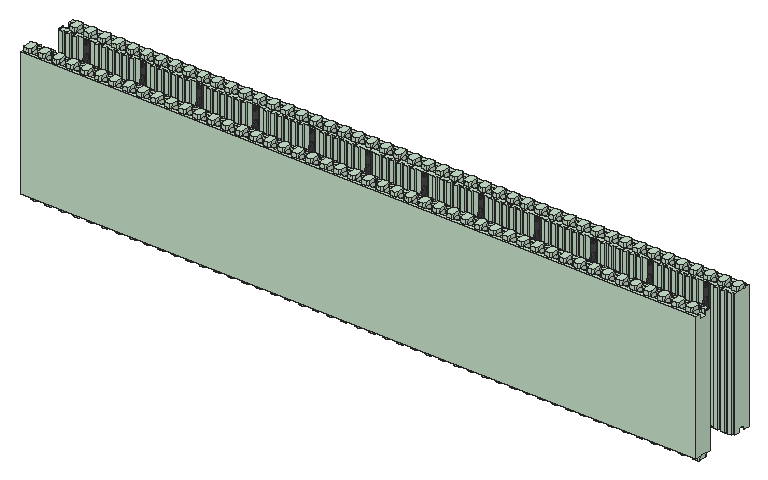
Revit family (continued)
Definition of nested family "4-inch Web"
  Forms (mm)
    Extrusion 1, solid, material "Polypropylene"
      sketch origin (0, -50.8, -12.7) x (0, 1, 0) y (0, 0, 1)
        loop
          arc (0.381, 460.181) -> (0.276, 460.567) -> (-0.011, 460.847) r 0.762
          line (-0.011, 460.847) -> (-4.307, 463.233)
          arc (-4.307, 463.233) -> (-4.594, 463.513) -> (-4.699, 463.9) r 0.762
          line (-4.699, 463.9) -> (-4.699, 457.58)
        loop
          arc (7.747, 370.743) -> (9.108, 370.547) -> (10.379, 370.023) r 5.556
          arc (10.379, 370.023) -> (17.913, 367.598) -> (25.774, 366.679) r 40.64
          line (25.774, 366.679) -> (40.417, 366.679)
          arc (40.417, 366.679) -> (46.103, 371.178) -> (43.032, 377.745) r 5.842
          line (43.032, 377.745) -> (30.434, 384.049)
          arc (30.434, 384.049) -> (19.35, 388.394) -> (7.747, 391.063) r 80.787
          line (7.747, 391.063) -> (5.08, 391.063) -> (5.08, 389.285) -> (6.287, 389.285)
          arc (6.287, 389.285) -> (7.409, 388.82) -> (7.874, 387.697) r 1.588
          line (7.874, 387.697) -> (7.874, 374.108)
          arc (7.874, 374.108) -> (7.409, 372.986) -> (6.287, 372.521) r 1.588
          line (6.287, 372.521) -> (5.08, 372.521) -> (5.08, 370.743) -> (7.747, 370.743)
        loop
          arc (7.747, 337.723) -> (19.35, 340.392) -> (30.434, 344.737) r 80.787
          line (30.434, 344.737) -> (43.032, 351.04)
          arc (43.032, 351.04) -> (46.103, 357.608) -> (40.417, 362.107) r 5.842
          line (40.417, 362.107) -> (25.774, 362.107)
          arc (25.774, 362.107) -> (17.913, 361.188) -> (10.379, 358.762) r 40.64
          arc (10.379, 358.762) -> (9.108, 358.239) -> (7.747, 358.043) r 5.556
          line (7.747, 358.043) -> (5.08, 358.043) -> (5.08, 356.265) -> (6.287, 356.265)
          arc (6.287, 356.265) -> (7.409, 355.8) -> (7.874, 354.677) r 1.588
          line (7.874, 354.677) -> (7.874, 341.088)
          arc (7.874, 341.088) -> (7.409, 339.966) -> (6.287, 339.501) r 1.588
          line (6.287, 339.501) -> (5.08, 339.501) -> (5.08, 337.723) -> (7.747, 337.723)
        loop
          line (101.473, 91.537) -> (98.806, 91.537) -> (98.806, 93.315) -> (104.712, 93.315)
          arc (104.712, 93.315) -> (105.834, 92.85) -> (106.299, 91.728) r 1.587
          line (106.299, 91.728) -> (106.299, 111.667)
          arc (106.299, 111.667) -> (105.834, 110.544) -> (104.712, 110.079) r 1.587
          line (104.712, 110.079) -> (98.806, 110.079) -> (98.806, 111.857) -> (101.473, 111.857) -> (101.473, 124.557) -> (98.806, 124.557) -> (98.806, 126.335) -> (104.712, 126.335)
          arc (104.712, 126.335) -> (105.834, 125.87) -> (106.299, 124.748) r 1.587
          line (106.299, 124.748) -> (106.299, 144.687)
          arc (106.299, 144.687) -> (105.834, 143.564) -> (104.712, 143.099) r 1.587
          line (104.712, 143.099) -> (98.806, 143.099) -> (98.806, 144.877) -> (101.473, 144.877) -> (101.473, 157.576) -> (98.806, 157.576) -> (98.806, 159.355) -> (104.712, 159.355)
          arc (104.712, 159.355) -> (105.834, 158.89) -> (106.299, 157.768) r 1.588
          line (106.299, 157.768) -> (106.299, 172.998) -> (103.886, 172.998)
          arc (103.886, 172.998) -> (101.245, 170.383) -> (97.959, 168.644) r 12.7
          arc (97.959, 168.644) -> (94.891, 166.323) -> (93.726, 162.657) r 6.35
          line (93.726, 162.657) -> (93.726, 160.943)
          arc (93.726, 160.943) -> (94.191, 159.82) -> (95.313, 159.355) r 1.588
          line (95.313, 159.355) -> (96.52, 159.355) -> (96.52, 157.576) -> (93.839, 157.576)
          arc (93.839, 157.576) -> (88.736, 157.807) -> (83.781, 159.055) r 25.4
          arc (83.781, 159.055) -> (81.506, 158.585) -> (80.818, 156.365) r 2.286
          arc (80.818, 156.365) -> (69.709, 147.705) -> (70.402, 161.773) r 7.747
          arc (70.402, 161.773) -> (73.514, 169.037) -> (66.25, 172.149) r 5.588
          arc (66.25, 172.149) -> (60.197, 168.253) -> (56.037, 162.377) r 18.923
          arc (56.037, 162.377) -> (53.917, 159.899) -> (50.8, 158.942) r 5.842
          arc (50.8, 158.942) -> (47.683, 159.899) -> (45.563, 162.377) r 5.842
          arc (45.563, 162.377) -> (41.403, 168.253) -> (35.35, 172.149) r 18.923
          arc (35.35, 172.149) -> (28.086, 169.037) -> (31.198, 161.773) r 5.588
          arc (31.198, 161.773) -> (31.891, 147.705) -> (20.782, 156.365) r 7.747
          arc (20.782, 156.365) -> (20.094, 158.585) -> (17.819, 159.055) r 2.286
          arc (17.819, 159.055) -> (12.864, 157.807) -> (7.761, 157.576) r 25.4
          line (7.761, 157.576) -> (5.08, 157.576) -> (5.08, 159.355) -> (6.287, 159.355)
          arc (6.287, 159.355) -> (7.409, 159.82) -> (7.874, 160.943) r 1.588
          line (7.874, 160.943) -> (7.874, 162.657)
          arc (7.874, 162.657) -> (6.709, 166.323) -> (3.641, 168.644) r 6.35
          arc (3.641, 168.644) -> (0.355, 170.383) -> (-2.286, 172.998) r 12.7
          line (-2.286, 172.998) -> (-4.699, 172.998) -> (-4.699, 157.768)
          arc (-4.699, 157.768) -> (-4.234, 158.89) -> (-3.112, 159.355) r 1.588
          line (-3.112, 159.355) -> (2.794, 159.355) -> (2.794, 157.576) -> (0.127, 157.576) -> (0.127, 144.877) -> (2.794, 144.877) -> (2.794, 143.099) -> (-3.112, 143.099)
          arc (-3.112, 143.099) -> (-4.234, 143.564) -> (-4.699, 144.687) r 1.587
          line (-4.699, 144.687) -> (-4.699, 124.748)
          arc (-4.699, 124.748) -> (-4.234, 125.87) -> (-3.112, 126.335) r 1.587
          line (-3.112, 126.335) -> (2.794, 126.335) -> (2.794, 124.557) -> (0.127, 124.557) -> (0.127, 111.857) -> (2.794, 111.857) -> (2.794, 110.079) -> (-3.112, 110.079)
          arc (-3.112, 110.079) -> (-4.234, 110.544) -> (-4.699, 111.667) r 1.587
          line (-4.699, 111.667) -> (-4.699, 91.728)
          arc (-4.699, 91.728) -> (-4.234, 92.85) -> (-3.112, 93.315) r 1.587
          line (-3.112, 93.315) -> (2.794, 93.315) -> (2.794, 91.537) -> (0.127, 91.537) -> (0.127, 78.838) -> (2.794, 78.838) -> (2.794, 77.059) -> (-3.894, 77.059)
          arc (-3.894, 77.059) -> (-4.311, 77.115) -> (-4.699, 77.278) r 1.587
          line (-4.699, 77.278) -> (-4.699, 57.588)
          arc (-4.699, 57.588) -> (-1.951, 63.844) -> (3.641, 67.77) r 12.7
          arc (3.641, 67.77) -> (6.709, 70.091) -> (7.874, 73.757) r 6.35
          line (7.874, 73.757) -> (7.874, 75.472)
          arc (7.874, 75.472) -> (7.409, 76.594) -> (6.287, 77.059) r 1.588
          line (6.287, 77.059) -> (5.08, 77.059) -> (5.08, 78.838) -> (7.761, 78.838)
          arc (7.761, 78.838) -> (12.864, 78.607) -> (17.819, 77.359) r 25.4
          arc (17.819, 77.359) -> (20.094, 77.83) -> (20.782, 80.049) r 2.286
          arc (20.782, 80.049) -> (31.891, 88.71) -> (31.198, 74.641) r 7.747
          arc (31.198, 74.641) -> (28.086, 67.378) -> (35.35, 64.265) r 5.588
          arc (35.35, 64.265) -> (41.403, 68.162) -> (45.563, 74.038) r 18.923
          arc (45.563, 74.038) -> (47.683, 76.516) -> (50.8, 77.472) r 5.842
          arc (50.8, 77.472) -> (53.917, 76.516) -> (56.037, 74.038) r 5.842
          arc (56.037, 74.038) -> (60.197, 68.162) -> (66.25, 64.265) r 18.923
          arc (66.25, 64.265) -> (73.514, 67.378) -> (70.402, 74.641) r 5.588
          arc (70.402, 74.641) -> (69.709, 88.71) -> (80.818, 80.049) r 7.747
          arc (80.818, 80.049) -> (81.506, 77.83) -> (83.781, 77.359) r 2.286
          arc (83.781, 77.359) -> (88.736, 78.607) -> (93.839, 78.838) r 25.4
          line (93.839, 78.838) -> (96.52, 78.838) -> (96.52, 77.059) -> (95.313, 77.059)
          arc (95.313, 77.059) -> (94.191, 76.594) -> (93.726, 75.472) r 1.588
          line (93.726, 75.472) -> (93.726, 73.757)
          arc (93.726, 73.757) -> (94.891, 70.091) -> (97.959, 67.77) r 6.35
          arc (97.959, 67.77) -> (103.551, 63.844) -> (106.299, 57.588) r 12.7
          line (106.299, 57.588) -> (106.299, 77.278)
          arc (106.299, 77.278) -> (105.911, 77.115) -> (105.494, 77.059) r 1.587
          line (105.494, 77.059) -> (98.806, 77.059) -> (98.806, 78.838) -> (101.473, 78.838) -> (101.473, 91.537)
        loop
          arc (93.853, 111.857) -> (92.492, 112.053) -> (91.221, 112.577) r 5.556
          arc (91.221, 112.577) -> (83.687, 115.002) -> (75.826, 115.921) r 40.64
          line (75.826, 115.921) -> (61.183, 115.921)
          arc (61.183, 115.921) -> (55.497, 111.422) -> (58.568, 104.855) r 5.842
          line (58.568, 104.855) -> (71.166, 98.551)
          arc (71.166, 98.551) -> (82.25, 94.206) -> (93.853, 91.537) r 80.787
          line (93.853, 91.537) -> (96.52, 91.537) -> (96.52, 93.315) -> (95.313, 93.315)
          arc (95.313, 93.315) -> (94.191, 93.78) -> (93.726, 94.903) r 1.588
          line (93.726, 94.903) -> (93.726, 108.492)
          arc (93.726, 108.492) -> (94.191, 109.614) -> (95.313, 110.079) r 1.588
          line (95.313, 110.079) -> (96.52, 110.079) -> (96.52, 111.857) -> (93.853, 111.857)
        loop
          arc (93.853, 144.877) -> (82.25, 142.208) -> (71.166, 137.863) r 80.787
          line (71.166, 137.863) -> (58.568, 131.56)
          arc (58.568, 131.56) -> (55.497, 124.992) -> (61.183, 120.493) r 5.842
          line (61.183, 120.493) -> (75.826, 120.493)
          arc (75.826, 120.493) -> (83.687, 121.412) -> (91.221, 123.838) r 40.64
          arc (91.221, 123.838) -> (92.492, 124.361) -> (93.853, 124.557) r 5.556
          line (93.853, 124.557) -> (96.52, 124.557) -> (96.52, 126.335) -> (95.313, 126.335)
          arc (95.313, 126.335) -> (94.191, 126.8) -> (93.726, 127.923) r 1.588
          line (93.726, 127.923) -> (93.726, 141.512)
          arc (93.726, 141.512) -> (94.191, 142.634) -> (95.313, 143.099) r 1.588
          line (95.313, 143.099) -> (96.52, 143.099) -> (96.52, 144.877) -> (93.853, 144.877)
        loop
          line (7.747, 111.857) -> (5.08, 111.857) -> (5.08, 110.079) -> (6.287, 110.079)
          arc (6.287, 110.079) -> (7.409, 109.614) -> (7.874, 108.492) r 1.588
          line (7.874, 108.492) -> (7.874, 94.903)
          arc (7.874, 94.903) -> (7.409, 93.78) -> (6.287, 93.315) r 1.588
          line (6.287, 93.315) -> (5.08, 93.315) -> (5.08, 91.537) -> (7.747, 91.537)
          arc (7.747, 91.537) -> (19.35, 94.206) -> (30.434, 98.551) r 80.787
          line (30.434, 98.551) -> (43.032, 104.855)
          arc (43.032, 104.855) -> (46.103, 111.422) -> (40.417, 115.921) r 5.842
          line (40.417, 115.921) -> (25.774, 115.921)
          arc (25.774, 115.921) -> (17.913, 115.002) -> (10.379, 112.577) r 40.64
          arc (10.379, 112.577) -> (9.108, 112.053) -> (7.747, 111.857) r 5.556
        loop
          line (7.747, 144.877) -> (5.08, 144.877) -> (5.08, 143.099) -> (6.287, 143.099)
          arc (6.287, 143.099) -> (7.409, 142.634) -> (7.874, 141.512) r 1.588
          line (7.874, 141.512) -> (7.874, 127.923)
          arc (7.874, 127.923) -> (7.409, 126.8) -> (6.287, 126.335) r 1.588
          line (6.287, 126.335) -> (5.08, 126.335) -> (5.08, 124.557) -> (7.747, 124.557)
          arc (7.747, 124.557) -> (9.108, 124.361) -> (10.379, 123.838) r 5.556
          arc (10.379, 123.838) -> (17.913, 121.412) -> (25.774, 120.493) r 40.64
          line (25.774, 120.493) -> (40.417, 120.493)
          arc (40.417, 120.493) -> (46.103, 124.992) -> (43.032, 131.56) r 5.842
          line (43.032, 131.56) -> (30.434, 137.863)
          arc (30.434, 137.863) -> (19.35, 142.208) -> (7.747, 144.877) r 80.787
      from -3.175 to 3.175
    Extrusion 2, solid, material "Polypropylene"
      sketch origin (0, 0, 0) x (0, 1, 0) y (0, 0, 1)
        loop
          line (55.499, 452.438) -> (55.499, 4.762)
          arc (55.499, 4.762) -> (55.987, 3.618) -> (57.15, 3.176) r 1.588
          arc (57.15, 3.176) -> (58.313, 3.618) -> (58.801, 4.762) r 1.588
          line (58.801, 4.762) -> (58.801, 452.437)
          arc (58.801, 452.437) -> (58.313, 453.582) -> (57.15, 454.024) r 1.588
          arc (57.15, 454.024) -> (55.987, 453.582) -> (55.499, 452.438) r 1.588
        loop
          arc (-55.499, 452.438) -> (-55.987, 453.582) -> (-57.15, 454.024) r 1.588
          arc (-57.15, 454.024) -> (-58.313, 453.582) -> (-58.801, 452.437) r 1.588
          line (-58.801, 452.437) -> (-58.801, 4.762)
          arc (-58.801, 4.762) -> (-58.313, 3.618) -> (-57.15, 3.176) r 1.588
          arc (-57.15, 3.176) -> (-55.987, 3.618) -> (-55.499, 4.762) r 1.588
          line (-55.499, 4.762) -> (-55.499, 452.438)
      from -9.227 to 9.227
Definition of nested family "NUDURA Diamond Pattern"
  Reference planes
    plane 1 "Center (Front/Back)": y = 0
    plane 2: z = 0
    plane 3 "Center (Left/Right)": x = 0
    plane 4: z = 457.2
  Lines and regions (mm)
    model lines
      curve 1: line (203.2, -142.875, 457.2) -> (203.2, -142.875, 0)
      curve 2: line (152.4, -142.875, 457.2) -> (152.4, -142.875, 0)
      curve 3: line (50.8, -142.875, 457.2) -> (50.8, -142.875, 0)
      curve 4: line (85.183, -142.875, 431.415) -> (93.906, -142.875, 422.692)
      curve 5: arc (85.183, -142.875, 444.885) -> (82.394, -142.875, 438.15) -> (85.183, -142.875, 431.415) r 9.525
      curve 6: line (94.708, -142.875, 454.41) -> (85.183, -142.875, 444.885)
      curve 7: arc (108.179, -142.875, 454.41) -> (101.444, -142.875, 457.2) -> (94.708, -142.875, 454.41) r 9.525
      curve 8: line (117.704, -142.875, 444.885) -> (108.179, -142.875, 454.41)
      curve 9: arc (117.704, -142.875, 431.415) -> (120.494, -142.875, 438.15) -> (117.704, -142.875, 444.885) r 9.525
      curve 10: line (108.981, -142.875, 422.692) -> (117.704, -142.875, 431.415)
      curve 11: arc (105.934, -142.875, 452.165) -> (101.444, -142.875, 454.025) -> (96.953, -142.875, 452.165) r 6.35
      curve 12: line (115.459, -142.875, 442.64) -> (105.934, -142.875, 452.165)
      curve 13: arc (115.459, -142.875, 433.66) -> (117.319, -142.875, 438.15) -> (115.459, -142.875, 442.64) r 6.35
      curve 14: line (105.934, -142.875, 424.135) -> (115.459, -142.875, 433.66)
      curve 15: arc (96.953, -142.875, 424.135) -> (101.444, -142.875, 422.275) -> (105.934, -142.875, 424.135) r 6.35
      curve 16: line (87.428, -142.875, 433.66) -> (96.953, -142.875, 424.135)
      curve 17: arc (87.428, -142.875, 442.64) -> (85.569, -142.875, 438.15) -> (87.428, -142.875, 433.66) r 6.35
      curve 18: line (96.953, -142.875, 452.165) -> (87.428, -142.875, 442.64)
      curve 19: arc (93.906, -142.875, 415.508) -> (95.394, -142.875, 419.1) -> (93.906, -142.875, 422.692) r 5.08
      curve 20: line (117.704, -142.875, 406.785) -> (108.981, -142.875, 415.508)
      curve 21: arc (117.704, -142.875, 393.315) -> (120.494, -142.875, 400.05) -> (117.704, -142.875, 406.785) r 9.525
      curve 22: line (108.981, -142.875, 384.592) -> (117.704, -142.875, 393.315)
      curve 23: line (85.183, -142.875, 393.315) -> (93.906, -142.875, 384.592)
      curve 24: arc (85.183, -142.875, 406.785) -> (82.394, -142.875, 400.05) -> (85.183, -142.875, 393.315) r 9.525
      curve 25: line (93.906, -142.875, 415.508) -> (85.183, -142.875, 406.785)
      curve 26: arc (105.934, -142.875, 414.065) -> (101.444, -142.875, 415.925) -> (96.953, -142.875, 414.065) r 6.35
      curve 27: line (96.953, -142.875, 414.065) -> (87.428, -142.875, 404.54)
      curve 28: arc (87.428, -142.875, 404.54) -> (85.569, -142.875, 400.05) -> (87.428, -142.875, 395.56) r 6.35
      curve 29: line (87.428, -142.875, 395.56) -> (96.953, -142.875, 386.035)
      curve 30: arc (96.953, -142.875, 386.035) -> (101.444, -142.875, 384.175) -> (105.934, -142.875, 386.035) r 6.35
      curve 31: line (105.934, -142.875, 386.035) -> (115.459, -142.875, 395.56)
      curve 32: arc (115.459, -142.875, 395.56) -> (117.319, -142.875, 400.05) -> (115.459, -142.875, 404.54) r 6.35
      curve 33: line (115.459, -142.875, 404.54) -> (105.934, -142.875, 414.065)
      curve 34: arc (93.906, -142.875, 377.408) -> (95.394, -142.875, 381) -> (93.906, -142.875, 384.592) r 5.08
      curve 35: line (117.704, -142.875, 368.685) -> (108.981, -142.875, 377.408)
      curve 36: arc (117.704, -142.875, 355.215) -> (120.494, -142.875, 361.95) -> (117.704, -142.875, 368.685) r 9.525
      curve 37: line (108.981, -142.875, 346.492) -> (117.704, -142.875, 355.215)
      curve 38: line (85.183, -142.875, 355.215) -> (93.906, -142.875, 346.492)
      curve 39: arc (85.183, -142.875, 368.685) -> (82.394, -142.875, 361.95) -> (85.183, -142.875, 355.215) r 9.525
      curve 40: line (93.906, -142.875, 377.408) -> (85.183, -142.875, 368.685)
      curve 41: arc (105.934, -142.875, 375.965) -> (101.444, -142.875, 377.825) -> (96.953, -142.875, 375.965) r 6.35
      curve 42: line (96.953, -142.875, 375.965) -> (87.428, -142.875, 366.44)
      curve 43: arc (87.428, -142.875, 366.44) -> (85.569, -142.875, 361.95) -> (87.428, -142.875, 357.46) r 6.35
      curve 44: line (87.428, -142.875, 357.46) -> (96.953, -142.875, 347.935)
      curve 45: arc (96.953, -142.875, 347.935) -> (101.444, -142.875, 346.075) -> (105.934, -142.875, 347.935) r 6.35
      curve 46: line (105.934, -142.875, 347.935) -> (115.459, -142.875, 357.46)
      curve 47: arc (115.459, -142.875, 357.46) -> (117.319, -142.875, 361.95) -> (115.459, -142.875, 366.44) r 6.35
      curve 48: line (115.459, -142.875, 366.44) -> (105.934, -142.875, 375.965)
      curve 49: arc (93.906, -142.875, 339.308) -> (95.394, -142.875, 342.9) -> (93.906, -142.875, 346.492) r 5.08
      curve 50: line (117.704, -142.875, 330.585) -> (108.981, -142.875, 339.308)
      curve 51: arc (117.704, -142.875, 317.115) -> (120.494, -142.875, 323.85) -> (117.704, -142.875, 330.585) r 9.525
      curve 52: line (108.981, -142.875, 308.392) -> (117.704, -142.875, 317.115)
      curve 53: line (85.183, -142.875, 317.115) -> (93.906, -142.875, 308.392)
      curve 54: arc (85.183, -142.875, 330.585) -> (82.394, -142.875, 323.85) -> (85.183, -142.875, 317.115) r 9.525
      curve 55: line (93.906, -142.875, 339.308) -> (85.183, -142.875, 330.585)
      curve 56: arc (105.934, -142.875, 337.865) -> (101.444, -142.875, 339.725) -> (96.953, -142.875, 337.865) r 6.35
      curve 57: line (96.953, -142.875, 337.865) -> (87.428, -142.875, 328.34)
      curve 58: arc (87.428, -142.875, 328.34) -> (85.569, -142.875, 323.85) -> (87.428, -142.875, 319.36) r 6.35
      curve 59: line (87.428, -142.875, 319.36) -> (96.953, -142.875, 309.835)
      curve 60: arc (96.953, -142.875, 309.835) -> (101.444, -142.875, 307.975) -> (105.934, -142.875, 309.835) r 6.35
      curve 61: line (105.934, -142.875, 309.835) -> (115.459, -142.875, 319.36)
      curve 62: arc (115.459, -142.875, 319.36) -> (117.319, -142.875, 323.85) -> (115.459, -142.875, 328.34) r 6.35
      curve 63: line (115.459, -142.875, 328.34) -> (105.934, -142.875, 337.865)
      curve 64: arc (93.906, -142.875, 301.208) -> (95.394, -142.875, 304.8) -> (93.906, -142.875, 308.392) r 5.08
      curve 65: line (117.704, -142.875, 292.485) -> (108.981, -142.875, 301.208)
      curve 66: arc (117.704, -142.875, 279.015) -> (120.494, -142.875, 285.75) -> (117.704, -142.875, 292.485) r 9.525
      curve 67: line (108.981, -142.875, 270.292) -> (117.704, -142.875, 279.015)
      curve 68: line (85.183, -142.875, 279.015) -> (93.906, -142.875, 270.292)
      curve 69: arc (85.183, -142.875, 292.485) -> (82.394, -142.875, 285.75) -> (85.183, -142.875, 279.015) r 9.525
      curve 70: line (93.906, -142.875, 301.208) -> (85.183, -142.875, 292.485)
      curve 71: arc (105.934, -142.875, 299.765) -> (101.444, -142.875, 301.625) -> (96.953, -142.875, 299.765) r 6.35
      curve 72: line (96.953, -142.875, 299.765) -> (87.428, -142.875, 290.24)
      curve 73: arc (87.428, -142.875, 290.24) -> (85.569, -142.875, 285.75) -> (87.428, -142.875, 281.26) r 6.35
      curve 74: line (87.428, -142.875, 281.26) -> (96.953, -142.875, 271.735)
      curve 75: arc (96.953, -142.875, 271.735) -> (101.444, -142.875, 269.875) -> (105.934, -142.875, 271.735) r 6.35
      curve 76: line (105.934, -142.875, 271.735) -> (115.459, -142.875, 281.26)
      curve 77: arc (115.459, -142.875, 281.26) -> (117.319, -142.875, 285.75) -> (115.459, -142.875, 290.24) r 6.35
      curve 78: line (115.459, -142.875, 290.24) -> (105.934, -142.875, 299.765)
      curve 79: arc (93.906, -142.875, 263.108) -> (95.394, -142.875, 266.7) -> (93.906, -142.875, 270.292) r 5.08
      curve 80: line (117.704, -142.875, 254.385) -> (108.981, -142.875, 263.108)
      curve 81: arc (117.704, -142.875, 240.915) -> (120.494, -142.875, 247.65) -> (117.704, -142.875, 254.385) r 9.525
      curve 82: line (108.981, -142.875, 232.192) -> (117.704, -142.875, 240.915)
      curve 83: line (85.183, -142.875, 240.915) -> (93.906, -142.875, 232.192)
      curve 84: arc (85.183, -142.875, 254.385) -> (82.394, -142.875, 247.65) -> (85.183, -142.875, 240.915) r 9.525
      curve 85: line (93.906, -142.875, 263.108) -> (85.183, -142.875, 254.385)
      curve 86: arc (105.934, -142.875, 261.665) -> (101.444, -142.875, 263.525) -> (96.953, -142.875, 261.665) r 6.35
      curve 87: line (96.953, -142.875, 261.665) -> (87.428, -142.875, 252.14)
      curve 88: arc (87.428, -142.875, 252.14) -> (85.569, -142.875, 247.65) -> (87.428, -142.875, 243.16) r 6.35
      curve 89: line (87.428, -142.875, 243.16) -> (96.953, -142.875, 233.635)
      curve 90: arc (96.953, -142.875, 233.635) -> (101.444, -142.875, 231.775) -> (105.934, -142.875, 233.635) r 6.35
      curve 91: line (105.934, -142.875, 233.635) -> (115.459, -142.875, 243.16)
      curve 92: arc (115.459, -142.875, 243.16) -> (117.319, -142.875, 247.65) -> (115.459, -142.875, 252.14) r 6.35
      curve 93: line (115.459, -142.875, 252.14) -> (105.934, -142.875, 261.665)
      curve 94: arc (93.906, -142.875, 225.008) -> (95.394, -142.875, 228.6) -> (93.906, -142.875, 232.192) r 5.08
      curve 95: line (117.704, -142.875, 216.285) -> (108.981, -142.875, 225.008)
      curve 96: arc (117.704, -142.875, 202.815) -> (120.494, -142.875, 209.55) -> (117.704, -142.875, 216.285) r 9.525
      curve 97: line (108.981, -142.875, 194.092) -> (117.704, -142.875, 202.815)
      curve 98: line (85.183, -142.875, 202.815) -> (93.906, -142.875, 194.092)
      curve 99: arc (85.183, -142.875, 216.285) -> (82.394, -142.875, 209.55) -> (85.183, -142.875, 202.815) r 9.525
      curve 100: line (93.906, -142.875, 225.008) -> (85.183, -142.875, 216.285)
      curve 101: arc (105.934, -142.875, 223.565) -> (101.444, -142.875, 225.425) -> (96.953, -142.875, 223.565) r 6.35
      curve 102: line (96.953, -142.875, 223.565) -> (87.428, -142.875, 214.04)
      curve 103: arc (87.428, -142.875, 214.04) -> (85.569, -142.875, 209.55) -> (87.428, -142.875, 205.06) r 6.35
      curve 104: line (87.428, -142.875, 205.06) -> (96.953, -142.875, 195.535)
      curve 105: arc (96.953, -142.875, 195.535) -> (101.444, -142.875, 193.675) -> (105.934, -142.875, 195.535) r 6.35
      curve 106: line (105.934, -142.875, 195.535) -> (115.459, -142.875, 205.06)
      curve 107: arc (115.459, -142.875, 205.06) -> (117.319, -142.875, 209.55) -> (115.459, -142.875, 214.04) r 6.35
      curve 108: line (115.459, -142.875, 214.04) -> (105.934, -142.875, 223.565)
      curve 109: arc (93.906, -142.875, 186.908) -> (95.394, -142.875, 190.5) -> (93.906, -142.875, 194.092) r 5.08
      curve 110: line (117.704, -142.875, 178.185) -> (108.981, -142.875, 186.908)
      curve 111: arc (117.704, -142.875, 164.715) -> (120.494, -142.875, 171.45) -> (117.704, -142.875, 178.185) r 9.525
      curve 112: line (108.981, -142.875, 155.992) -> (117.704, -142.875, 164.715)
      curve 113: line (85.183, -142.875, 164.715) -> (93.906, -142.875, 155.992)
      curve 114: arc (85.183, -142.875, 178.185) -> (82.394, -142.875, 171.45) -> (85.183, -142.875, 164.715) r 9.525
      curve 115: line (93.906, -142.875, 186.908) -> (85.183, -142.875, 178.185)
      curve 116: arc (105.934, -142.875, 185.465) -> (101.444, -142.875, 187.325) -> (96.953, -142.875, 185.465) r 6.35
      curve 117: line (96.953, -142.875, 185.465) -> (87.428, -142.875, 175.94)
      curve 118: arc (87.428, -142.875, 175.94) -> (85.569, -142.875, 171.45) -> (87.428, -142.875, 166.96) r 6.35
      curve 119: line (87.428, -142.875, 166.96) -> (96.953, -142.875, 157.435)
      curve 120: arc (96.953, -142.875, 157.435) -> (101.444, -142.875, 155.575) -> (105.934, -142.875, 157.435) r 6.35
      curve 121: line (105.934, -142.875, 157.435) -> (115.459, -142.875, 166.96)
      curve 122: arc (115.459, -142.875, 166.96) -> (117.319, -142.875, 171.45) -> (115.459, -142.875, 175.94) r 6.35
      curve 123: line (115.459, -142.875, 175.94) -> (105.934, -142.875, 185.465)
      curve 124: arc (93.906, -142.875, 148.808) -> (95.394, -142.875, 152.4) -> (93.906, -142.875, 155.992) r 5.08
      curve 125: line (117.704, -142.875, 140.085) -> (108.981, -142.875, 148.808)
      curve 126: arc (117.704, -142.875, 126.615) -> (120.494, -142.875, 133.35) -> (117.704, -142.875, 140.085) r 9.525
      curve 127: line (108.981, -142.875, 117.892) -> (117.704, -142.875, 126.615)
      curve 128: line (85.183, -142.875, 126.615) -> (93.906, -142.875, 117.892)
      curve 129: arc (85.183, -142.875, 140.085) -> (82.394, -142.875, 133.35) -> (85.183, -142.875, 126.615) r 9.525
      curve 130: line (93.906, -142.875, 148.808) -> (85.183, -142.875, 140.085)
      curve 131: arc (105.934, -142.875, 147.365) -> (101.444, -142.875, 149.225) -> (96.953, -142.875, 147.365) r 6.35
      curve 132: line (96.953, -142.875, 147.365) -> (87.428, -142.875, 137.84)
      curve 133: arc (87.428, -142.875, 137.84) -> (85.569, -142.875, 133.35) -> (87.428, -142.875, 128.86) r 6.35
      curve 134: line (87.428, -142.875, 128.86) -> (96.953, -142.875, 119.335)
      curve 135: arc (96.953, -142.875, 119.335) -> (101.444, -142.875, 117.475) -> (105.934, -142.875, 119.335) r 6.35
      curve 136: line (105.934, -142.875, 119.335) -> (115.459, -142.875, 128.86)
      curve 137: arc (115.459, -142.875, 128.86) -> (117.319, -142.875, 133.35) -> (115.459, -142.875, 137.84) r 6.35
      curve 138: line (115.459, -142.875, 137.84) -> (105.934, -142.875, 147.365)
      curve 139: arc (93.906, -142.875, 110.708) -> (95.394, -142.875, 114.3) -> (93.906, -142.875, 117.892) r 5.08
      curve 140: line (117.704, -142.875, 101.985) -> (108.981, -142.875, 110.708)
      curve 141: arc (117.704, -142.875, 88.515) -> (120.494, -142.875, 95.25) -> (117.704, -142.875, 101.985) r 9.525
      curve 142: line (108.981, -142.875, 79.792) -> (117.704, -142.875, 88.515)
      curve 143: line (85.183, -142.875, 88.515) -> (93.906, -142.875, 79.792)
      curve 144: arc (85.183, -142.875, 101.985) -> (82.394, -142.875, 95.25) -> (85.183, -142.875, 88.515) r 9.525
      curve 145: line (93.906, -142.875, 110.708) -> (85.183, -142.875, 101.985)
      curve 146: arc (105.934, -142.875, 109.265) -> (101.444, -142.875, 111.125) -> (96.953, -142.875, 109.265) r 6.35
      curve 147: line (96.953, -142.875, 109.265) -> (87.428, -142.875, 99.74)
      curve 148: arc (87.428, -142.875, 99.74) -> (85.569, -142.875, 95.25) -> (87.428, -142.875, 90.76) r 6.35
      curve 149: line (87.428, -142.875, 90.76) -> (96.953, -142.875, 81.235)
      curve 150: arc (96.953, -142.875, 81.235) -> (101.444, -142.875, 79.375) -> (105.934, -142.875, 81.235) r 6.35
      curve 151: line (105.934, -142.875, 81.235) -> (115.459, -142.875, 90.76)
      curve 152: arc (115.459, -142.875, 90.76) -> (117.319, -142.875, 95.25) -> (115.459, -142.875, 99.74) r 6.35
      curve 153: line (115.459, -142.875, 99.74) -> (105.934, -142.875, 109.265)
      curve 154: arc (93.906, -142.875, 72.608) -> (95.394, -142.875, 76.2) -> (93.906, -142.875, 79.792) r 5.08
      curve 155: line (117.704, -142.875, 63.885) -> (108.981, -142.875, 72.608)
      curve 156: arc (117.704, -142.875, 50.415) -> (120.494, -142.875, 57.15) -> (117.704, -142.875, 63.885) r 9.525
      curve 157: line (108.981, -142.875, 41.692) -> (117.704, -142.875, 50.415)
      curve 158: line (85.183, -142.875, 50.415) -> (93.906, -142.875, 41.692)
      curve 159: arc (85.183, -142.875, 63.885) -> (82.394, -142.875, 57.15) -> (85.183, -142.875, 50.415) r 9.525
      curve 160: line (93.906, -142.875, 72.608) -> (85.183, -142.875, 63.885)
      curve 161: arc (105.934, -142.875, 71.165) -> (101.444, -142.875, 73.025) -> (96.953, -142.875, 71.165) r 6.35
      curve 162: line (96.953, -142.875, 71.165) -> (87.428, -142.875, 61.64)
      curve 163: arc (87.428, -142.875, 61.64) -> (85.569, -142.875, 57.15) -> (87.428, -142.875, 52.66) r 6.35
      curve 164: line (87.428, -142.875, 52.66) -> (96.953, -142.875, 43.135)
      curve 165: arc (96.953, -142.875, 43.135) -> (101.444, -142.875, 41.275) -> (105.934, -142.875, 43.135) r 6.35
      curve 166: line (105.934, -142.875, 43.135) -> (115.459, -142.875, 52.66)
      curve 167: arc (115.459, -142.875, 52.66) -> (117.319, -142.875, 57.15) -> (115.459, -142.875, 61.64) r 6.35
      curve 168: line (115.459, -142.875, 61.64) -> (105.934, -142.875, 71.165)
      curve 169: arc (93.906, -142.875, 34.508) -> (95.394, -142.875, 38.1) -> (93.906, -142.875, 41.692) r 5.08
      curve 170: line (93.906, -142.875, 34.508) -> (85.183, -142.875, 25.785)
      curve 171: arc (85.183, -142.875, 25.785) -> (82.394, -142.875, 19.05) -> (85.183, -142.875, 12.315) r 9.525
      curve 172: line (85.183, -142.875, 12.315) -> (94.708, -142.875, 2.79)
      curve 173: arc (94.708, -142.875, 2.79) -> (101.444, -142.875, 0) -> (108.179, -142.875, 2.79) r 9.525
      curve 174: line (108.179, -142.875, 2.79) -> (117.704, -142.875, 12.315)
      curve 175: arc (117.704, -142.875, 12.315) -> (120.494, -142.875, 19.05) -> (117.704, -142.875, 25.785) r 9.525
      curve 176: line (117.704, -142.875, 25.785) -> (108.981, -142.875, 34.508)
      curve 177: arc (108.981, -142.875, 41.692) -> (107.493, -142.875, 38.1) -> (108.981, -142.875, 34.508) r 5.08
      curve 178: arc (105.934, -142.875, 33.065) -> (101.444, -142.875, 34.925) -> (96.953, -142.875, 33.065) r 6.35
      curve 179: line (115.459, -142.875, 23.54) -> (105.934, -142.875, 33.065)
      curve 180: arc (115.459, -142.875, 14.56) -> (117.319, -142.875, 19.05) -> (115.459, -142.875, 23.54) r 6.35
      curve 181: line (105.934, -142.875, 5.035) -> (115.459, -142.875, 14.56)
      curve 182: arc (96.953, -142.875, 5.035) -> (101.444, -142.875, 3.175) -> (105.934, -142.875, 5.035) r 6.35
      curve 183: line (87.428, -142.875, 14.56) -> (96.953, -142.875, 5.035)
      curve 184: arc (87.428, -142.875, 23.54) -> (85.569, -142.875, 19.05) -> (87.428, -142.875, 14.56) r 6.35
      curve 185: line (96.953, -142.875, 33.065) -> (87.428, -142.875, 23.54)
      curve 186: arc (108.981, -142.875, 79.792) -> (107.493, -142.875, 76.2) -> (108.981, -142.875, 72.608) r 5.08
      curve 187: arc (108.981, -142.875, 117.892) -> (107.493, -142.875, 114.3) -> (108.981, -142.875, 110.708) r 5.08
      curve 188: arc (108.981, -142.875, 155.992) -> (107.493, -142.875, 152.4) -> (108.981, -142.875, 148.808) r 5.08
      curve 189: arc (108.981, -142.875, 194.092) -> (107.493, -142.875, 190.5) -> (108.981, -142.875, 186.908) r 5.08
      curve 190: arc (108.981, -142.875, 232.192) -> (107.493, -142.875, 228.6) -> (108.981, -142.875, 225.008) r 5.08
      curve 191: arc (108.981, -142.875, 270.292) -> (107.493, -142.875, 266.7) -> (108.981, -142.875, 263.108) r 5.08
      curve 192: arc (108.981, -142.875, 308.392) -> (107.493, -142.875, 304.8) -> (108.981, -142.875, 301.208) r 5.08
      curve 193: arc (108.981, -142.875, 346.492) -> (107.493, -142.875, 342.9) -> (108.981, -142.875, 339.308) r 5.08
      curve 194: arc (108.981, -142.875, 384.592) -> (107.493, -142.875, 381) -> (108.981, -142.875, 377.408) r 5.08
      curve 195: arc (108.981, -142.875, 422.692) -> (107.493, -142.875, 419.1) -> (108.981, -142.875, 415.508) r 5.08
Definition of nested family "NUDURA Logo Diamond"
  Reference planes
    plane 1 "Center (Front/Back)": y = 0
    plane 2: z = 0
    plane 3 "Center (Left/Right)": x = 0
  Lines and regions (mm)
    model lines
      curve 1: line (320.001, 0, 444.526) -> (311.021, 0, 453.507)
      curve 2: line (313.973, 0, 425.925) -> (320.001, 0, 431.954)
      curve 3: line (320.001, 0, 406.426) -> (313.973, 0, 412.455)
      curve 4: line (313.973, 0, 387.825) -> (320.001, 0, 393.854)
      curve 5: line (320.001, 0, 368.326) -> (313.973, 0, 374.355)
      curve 6: line (313.973, 0, 349.725) -> (320.001, 0, 355.754)
      curve 7: line (309.225, 0, 337.411) -> (322.887, 0, 323.749)
      curve 8: line (322.887, 0, 323.749) -> (324.683, 0, 325.545)
      curve 9: line (286.583, 0, 323.749) -> (300.245, 0, 337.411)
      curve 10: line (295.497, 0, 336.255) -> (284.787, 0, 325.545)
      curve 11: line (289.468, 0, 355.754) -> (295.497, 0, 349.725)
      curve 12: line (295.497, 0, 374.355) -> (289.468, 0, 368.326)
      curve 13: line (289.468, 0, 393.854) -> (295.497, 0, 387.825)
      curve 14: line (295.497, 0, 412.455) -> (289.468, 0, 406.426)
      curve 15: line (289.468, 0, 431.954) -> (295.497, 0, 425.925)
      curve 16: line (298.449, 0, 453.507) -> (289.468, 0, 444.526)
      curve 17: line (300.245, 0, 451.711) -> (291.265, 0, 442.73)
      curve 18: line (318.205, 0, 442.73) -> (309.225, 0, 451.711)
      curve 19: line (309.225, 0, 424.77) -> (318.205, 0, 433.75)
      curve 20: line (291.265, 0, 433.75) -> (300.245, 0, 424.77)
      curve 21: arc (289.468, 0, 444.526) -> (286.865, 0, 438.24) -> (289.468, 0, 431.954) r 8.89
      curve 22: arc (298.449, 0, 453.507) -> (304.735, 0, 456.111) -> (311.021, 0, 453.507) r 8.89
      curve 23: arc (291.265, 0, 442.73) -> (289.405, 0, 438.24) -> (291.265, 0, 433.75) r 6.35
      curve 24: arc (318.205, 0, 442.73) -> (320.065, 0, 438.24) -> (318.205, 0, 433.75) r 6.35
      curve 25: arc (309.225, 0, 424.77) -> (304.735, 0, 422.91) -> (300.245, 0, 424.77) r 6.35
      curve 26: arc (300.245, 0, 451.711) -> (304.735, 0, 453.571) -> (309.225, 0, 451.711) r 6.35
      curve 27: arc (320.001, 0, 444.526) -> (322.605, 0, 438.24) -> (320.001, 0, 431.954) r 8.89
      curve 28: arc (295.497, 0, 425.925) -> (298.287, 0, 419.19) -> (295.497, 0, 412.455) r 9.525
      curve 29: arc (313.973, 0, 425.925) -> (311.183, 0, 419.19) -> (313.973, 0, 412.455) r 9.525
      curve 30: line (313.973, 0, 387.825) -> (320.001, 0, 393.854)
      curve 31: line (289.468, 0, 393.854) -> (295.497, 0, 387.825)
      curve 32: line (300.245, 0, 413.611) -> (291.265, 0, 404.63)
      curve 33: line (318.205, 0, 404.63) -> (309.225, 0, 413.611)
      curve 34: line (309.225, 0, 386.67) -> (318.205, 0, 395.65)
      curve 35: line (291.265, 0, 395.65) -> (300.245, 0, 386.67)
      curve 36: arc (289.468, 0, 406.426) -> (286.865, 0, 400.14) -> (289.468, 0, 393.854) r 8.89
      curve 37: arc (291.265, 0, 404.63) -> (289.405, 0, 400.14) -> (291.265, 0, 395.65) r 6.35
      curve 38: arc (318.205, 0, 404.63) -> (320.065, 0, 400.14) -> (318.205, 0, 395.65) r 6.35
      curve 39: arc (309.225, 0, 386.67) -> (304.735, 0, 384.81) -> (300.245, 0, 386.67) r 6.35
      curve 40: arc (300.245, 0, 413.611) -> (304.735, 0, 415.471) -> (309.225, 0, 413.611) r 6.35
      curve 41: arc (320.001, 0, 406.426) -> (322.605, 0, 400.14) -> (320.001, 0, 393.854) r 8.89
      curve 42: line (295.497, 0, 412.455) -> (289.468, 0, 406.426)
      curve 43: line (320.001, 0, 406.426) -> (313.973, 0, 412.455)
      curve 44: arc (295.497, 0, 387.825) -> (298.287, 0, 381.09) -> (295.497, 0, 374.355) r 9.525
      curve 45: arc (313.973, 0, 387.825) -> (311.183, 0, 381.09) -> (313.973, 0, 374.355) r 9.525
      curve 46: line (313.973, 0, 349.725) -> (320.001, 0, 355.754)
      curve 47: line (289.468, 0, 355.754) -> (295.497, 0, 349.725)
      curve 48: line (300.245, 0, 375.511) -> (291.265, 0, 366.53)
      curve 49: line (318.205, 0, 366.53) -> (309.225, 0, 375.511)
      curve 50: line (309.225, 0, 348.57) -> (318.205, 0, 357.55)
      curve 51: line (291.265, 0, 357.55) -> (300.245, 0, 348.57)
      curve 52: arc (289.468, 0, 368.326) -> (286.865, 0, 362.04) -> (289.468, 0, 355.754) r 8.89
      curve 53: arc (291.265, 0, 366.53) -> (289.405, 0, 362.04) -> (291.265, 0, 357.55) r 6.35
      curve 54: arc (318.205, 0, 366.53) -> (320.065, 0, 362.04) -> (318.205, 0, 357.55) r 6.35
      curve 55: arc (309.225, 0, 348.57) -> (304.735, 0, 346.71) -> (300.245, 0, 348.57) r 6.35
      curve 56: arc (300.245, 0, 375.511) -> (304.735, 0, 377.371) -> (309.225, 0, 375.511) r 6.35
      curve 57: arc (320.001, 0, 368.326) -> (322.605, 0, 362.04) -> (320.001, 0, 355.754) r 8.89
      curve 58: line (295.497, 0, 374.355) -> (289.468, 0, 368.326)
      curve 59: arc (295.497, 0, 349.725) -> (298.287, 0, 342.99) -> (295.497, 0, 336.255) r 9.525
      curve 60: arc (313.973, 0, 349.725) -> (311.183, 0, 342.99) -> (313.973, 0, 336.255) r 9.525
      curve 61: line (324.683, 0, 325.545) -> (313.973, 0, 336.255)
      curve 62: line (284.787, 0, 325.545) -> (286.583, 0, 323.749)
      curve 63: arc (300.245, 0, 337.411) -> (304.735, 0, 339.271) -> (309.225, 0, 337.411) r 6.35
      curve 64: line (320.001, 0, 12.854) -> (311.021, 0, 3.874)
      curve 65: line (313.973, 0, 31.455) -> (320.001, 0, 25.426)
      curve 66: line (320.001, 0, 50.954) -> (313.973, 0, 44.925)
      curve 67: line (313.973, 0, 69.555) -> (320.001, 0, 63.526)
      curve 68: line (320.001, 0, 89.054) -> (313.973, 0, 83.025)
      curve 69: line (313.973, 0, 107.655) -> (320.001, 0, 101.626)
      curve 70: line (309.225, 0, 119.97) -> (322.887, 0, 133.632)
      curve 71: line (322.887, 0, 133.632) -> (324.683, 0, 131.836)
      curve 72: line (286.583, 0, 133.632) -> (300.245, 0, 119.97)
      curve 73: line (295.497, 0, 121.125) -> (284.787, 0, 131.836)
      curve 74: line (289.468, 0, 101.626) -> (295.497, 0, 107.655)
      curve 75: line (295.497, 0, 83.025) -> (289.468, 0, 89.054)
      curve 76: line (289.468, 0, 63.526) -> (295.497, 0, 69.555)
      curve 77: line (295.497, 0, 44.925) -> (289.468, 0, 50.954)
      curve 78: line (289.468, 0, 25.426) -> (295.497, 0, 31.455)
      curve 79: line (298.449, 0, 3.874) -> (289.468, 0, 12.854)
      curve 80: line (300.245, 0, 5.67) -> (291.265, 0, 14.65)
      curve 81: line (318.205, 0, 14.65) -> (309.225, 0, 5.67)
      curve 82: line (309.225, 0, 32.611) -> (318.205, 0, 23.63)
      curve 83: line (291.265, 0, 23.63) -> (300.245, 0, 32.611)
      curve 84: arc (289.468, 0, 12.854) -> (286.865, 0, 19.14) -> (289.468, 0, 25.426) r 8.89
      curve 85: arc (298.449, 0, 3.874) -> (304.735, 0, 1.27) -> (311.021, 0, 3.874) r 8.89
      curve 86: arc (291.265, 0, 14.65) -> (289.405, 0, 19.14) -> (291.265, 0, 23.63) r 6.35
      curve 87: arc (318.205, 0, 14.65) -> (320.065, 0, 19.14) -> (318.205, 0, 23.63) r 6.35
      curve 88: arc (309.225, 0, 32.611) -> (304.735, 0, 34.471) -> (300.245, 0, 32.611) r 6.35
      curve 89: arc (300.245, 0, 5.67) -> (304.735, 0, 3.81) -> (309.225, 0, 5.67) r 6.35
      curve 90: arc (320.001, 0, 12.854) -> (322.605, 0, 19.14) -> (320.001, 0, 25.426) r 8.89
      curve 91: arc (295.497, 0, 31.455) -> (298.287, 0, 38.19) -> (295.497, 0, 44.925) r 9.525
      curve 92: arc (313.973, 0, 31.455) -> (311.183, 0, 38.19) -> (313.973, 0, 44.925) r 9.525
      curve 93: line (313.973, 0, 69.555) -> (320.001, 0, 63.526)
      curve 94: line (289.468, 0, 63.526) -> (295.497, 0, 69.555)
      curve 95: line (300.245, 0, 43.77) -> (291.265, 0, 52.75)
      curve 96: line (318.205, 0, 52.75) -> (309.225, 0, 43.77)
      curve 97: line (309.225, 0, 70.711) -> (318.205, 0, 61.73)
      curve 98: line (291.265, 0, 61.73) -> (300.245, 0, 70.711)
      curve 99: arc (289.468, 0, 50.954) -> (286.865, 0, 57.24) -> (289.468, 0, 63.526) r 8.89
      curve 100: arc (291.265, 0, 52.75) -> (289.405, 0, 57.24) -> (291.265, 0, 61.73) r 6.35
      curve 101: arc (318.205, 0, 52.75) -> (320.065, 0, 57.24) -> (318.205, 0, 61.73) r 6.35
      curve 102: arc (309.225, 0, 70.711) -> (304.735, 0, 72.571) -> (300.245, 0, 70.711) r 6.35
      curve 103: arc (300.245, 0, 43.77) -> (304.735, 0, 41.91) -> (309.225, 0, 43.77) r 6.35
      curve 104: arc (320.001, 0, 50.954) -> (322.605, 0, 57.24) -> (320.001, 0, 63.526) r 8.89
      curve 105: line (295.497, 0, 44.925) -> (289.468, 0, 50.954)
      curve 106: line (320.001, 0, 50.954) -> (313.973, 0, 44.925)
      curve 107: arc (295.497, 0, 69.555) -> (298.287, 0, 76.29) -> (295.497, 0, 83.025) r 9.525
      curve 108: arc (313.973, 0, 69.555) -> (311.183, 0, 76.29) -> (313.973, 0, 83.025) r 9.525
      curve 109: line (313.973, 0, 107.655) -> (320.001, 0, 101.626)
      curve 110: line (289.468, 0, 101.626) -> (295.497, 0, 107.655)
      curve 111: line (300.245, 0, 81.87) -> (291.265, 0, 90.85)
      curve 112: line (318.205, 0, 90.85) -> (309.225, 0, 81.87)
      curve 113: line (309.225, 0, 108.811) -> (318.205, 0, 99.83)
      curve 114: line (291.265, 0, 99.83) -> (300.245, 0, 108.811)
      curve 115: arc (289.468, 0, 89.054) -> (286.865, 0, 95.34) -> (289.468, 0, 101.626) r 8.89
      curve 116: arc (291.265, 0, 90.85) -> (289.405, 0, 95.34) -> (291.265, 0, 99.83) r 6.35
      curve 117: arc (318.205, 0, 90.85) -> (320.065, 0, 95.34) -> (318.205, 0, 99.83) r 6.35
      curve 118: arc (309.225, 0, 108.811) -> (304.735, 0, 110.671) -> (300.245, 0, 108.811) r 6.35
      curve 119: arc (300.245, 0, 81.87) -> (304.735, 0, 80.01) -> (309.225, 0, 81.87) r 6.35
      curve 120: arc (320.001, 0, 89.054) -> (322.605, 0, 95.34) -> (320.001, 0, 101.626) r 8.89
      curve 121: line (295.497, 0, 83.025) -> (289.468, 0, 89.054)
      curve 122: arc (295.497, 0, 107.655) -> (298.287, 0, 114.39) -> (295.497, 0, 121.125) r 9.525
      curve 123: arc (313.973, 0, 107.655) -> (311.183, 0, 114.39) -> (313.973, 0, 121.125) r 9.525
      curve 124: line (324.683, 0, 131.836) -> (313.973, 0, 121.125)
      curve 125: line (284.787, 0, 131.836) -> (286.583, 0, 133.632)
      curve 126: arc (300.245, 0, 119.97) -> (304.735, 0, 118.11) -> (309.225, 0, 119.97) r 6.35
      curve 127: line (314.26, 0, 317.59) -> (295.21, 0, 317.59)
      curve 128: line (323.785, 0, 149.315) -> (323.785, 0, 308.065)
      curve 129: line (285.685, 0, 308.065) -> (285.685, 0, 149.315)
      curve 130: line (295.21, 0, 139.79) -> (314.26, 0, 139.79)
      curve 131: line (316.797, 0, 304.89) -> (305.798, 0, 311.24)
      curve 132: line (316.797, 0, 292.19) -> (316.797, 0, 304.89)
      curve 133: line (311.298, 0, 289.015) -> (316.797, 0, 292.19)
      curve 134: line (305.373, 0, 292.436) -> (311.298, 0, 289.015)
      curve 135: line (310.447, 0, 295.365) -> (305.373, 0, 292.436)
      curve 136: line (299.874, 0, 307.82) -> (310.447, 0, 301.715)
      curve 137: line (310.447, 0, 301.715) -> (310.447, 0, 295.365)
      curve 138: line (305.798, 0, 311.24) -> (299.874, 0, 307.82)
      curve 139: line (299.023, 0, 295.611) -> (304.097, 0, 298.54)
      curve 140: line (304.097, 0, 298.54) -> (298.172, 0, 301.961)
      curve 141: line (298.172, 0, 301.961) -> (292.673, 0, 298.786)
      curve 142: line (292.673, 0, 298.786) -> (292.673, 0, 286.086)
      curve 143: line (299.023, 0, 289.261) -> (299.023, 0, 295.611)
      curve 144: line (309.596, 0, 283.156) -> (299.023, 0, 289.261)
      curve 145: line (303.671, 0, 279.736) -> (309.596, 0, 283.156)
      curve 146: line (292.673, 0, 286.086) -> (303.671, 0, 279.736)
      curve 147: line (312.702, 0, 269.344) -> (296.768, 0, 272.912)
      curve 148: line (296.768, 0, 272.912) -> (296.768, 0, 267.036)
      curve 149: line (296.768, 0, 267.036) -> (308.089, 0, 264.517)
      curve 150: line (308.089, 0, 264.517) -> (296.768, 0, 260.949)
      curve 151: line (296.768, 0, 260.949) -> (296.768, 0, 251.084)
      curve 152: line (296.768, 0, 251.084) -> (309.138, 0, 248.314)
      curve 153: line (309.138, 0, 248.314) -> (309.138, 0, 247.516)
      curve 154: line (309.138, 0, 247.516) -> (301.281, 0, 248.991)
      curve 155: line (296.768, 0, 245.246) -> (296.768, 0, 237.71)
      curve 156: line (306.598, 0, 222.094) -> (306.598, 0, 228.599)
      curve 157: line (306.598, 0, 228.599) -> (296.768, 0, 230.786)
      curve 158: line (296.768, 0, 230.786) -> (296.768, 0, 215.343)
      curve 159: line (302.723, 0, 230.274) -> (312.702, 0, 228.039)
      curve 160: line (300.341, 0, 217.291) -> (300.341, 0, 223.486)
      curve 161: line (300.341, 0, 223.486) -> (306.598, 0, 222.094)
      curve 162: line (296.768, 0, 205.027) -> (296.768, 0, 197.49)
      curve 163: line (302.723, 0, 190.055) -> (310.162, 0, 188.389)
      curve 164: line (310.162, 0, 188.389) -> (310.162, 0, 176.633)
      curve 165: line (308.892, 0, 175.363) -> (307.868, 0, 175.363)
      curve 166: line (306.598, 0, 176.633) -> (306.598, 0, 180.004)
      curve 167: line (306.598, 0, 180.004) -> (307.868, 0, 179.719)
      curve 168: line (307.868, 0, 179.719) -> (307.868, 0, 186.3)
      curve 169: line (307.868, 0, 186.3) -> (296.768, 0, 188.785)
      curve 170: line (296.768, 0, 188.785) -> (296.768, 0, 182.205)
      curve 171: line (296.768, 0, 182.205) -> (304.058, 0, 180.572)
      curve 172: line (304.058, 0, 180.572) -> (304.058, 0, 177.654)
      curve 173: line (302.788, 0, 176.384) -> (296.768, 0, 176.384)
      curve 174: line (296.768, 0, 176.384) -> (296.768, 0, 164.003)
      curve 175: line (296.768, 0, 164.003) -> (299.284, 0, 162.219)
      curve 176: line (299.284, 0, 162.219) -> (299.284, 0, 153.715)
      curve 177: line (307.942, 0, 156.079) -> (301.824, 0, 160.418)
      curve 178: line (301.824, 0, 160.418) -> (301.824, 0, 154.409)
      curve 179: line (301.824, 0, 154.409) -> (307.942, 0, 156.079)
      curve 180: line (299.284, 0, 153.715) -> (296.768, 0, 153.028)
      curve 181: line (296.768, 0, 153.028) -> (296.768, 0, 146.14)
      curve 182: line (296.768, 0, 146.14) -> (312.702, 0, 150.491)
      curve 183: line (312.702, 0, 150.491) -> (312.702, 0, 159.713)
      curve 184: line (312.702, 0, 159.713) -> (298.767, 0, 169.594)
      curve 185: line (298.767, 0, 169.594) -> (302.342, 0, 169.594)
      curve 186: line (312.702, 0, 172.383) -> (312.702, 0, 193.945)
      curve 187: line (312.702, 0, 193.945) -> (302.326, 0, 196.268)
      curve 188: line (300.341, 0, 198.747) -> (300.341, 0, 201.381)
      curve 189: line (301.888, 0, 202.62) -> (312.702, 0, 200.199)
      curve 190: line (312.702, 0, 200.199) -> (312.702, 0, 206.628)
      curve 191: line (312.702, 0, 206.628) -> (306.843, 0, 207.728)
      curve 192: line (312.702, 0, 212.942) -> (312.702, 0, 227.241)
      curve 193: line (312.702, 0, 227.241) -> (309.138, 0, 228.034)
      curve 194: line (309.138, 0, 228.034) -> (309.138, 0, 217.291)
      curve 195: line (312.702, 0, 228.039) -> (312.702, 0, 234.164)
      curve 196: line (312.702, 0, 234.164) -> (302.326, 0, 236.488)
      curve 197: line (300.341, 0, 238.966) -> (300.341, 0, 241.6)
      curve 198: line (301.736, 0, 242.874) -> (312.702, 0, 240.418)
      curve 199: line (312.702, 0, 240.418) -> (312.702, 0, 253.611)
      curve 200: line (312.702, 0, 253.611) -> (302.429, 0, 255.912)
      curve 201: line (302.429, 0, 255.912) -> (312.702, 0, 259.27)
      curve 202: line (312.702, 0, 259.27) -> (312.702, 0, 269.344)
      curve 203: arc (296.768, 0, 245.246) -> (298.145, 0, 248.178) -> (301.281, 0, 248.991) r 3.81
      curve 204: arc (296.768, 0, 237.71) -> (298.44, 0, 232.946) -> (302.723, 0, 230.274) r 7.62
      curve 205: arc (300.842, 0, 208.826) -> (297.87, 0, 211.5) -> (296.768, 0, 215.343) r 7.251
      curve 206: arc (296.768, 0, 205.027) -> (297.979, 0, 207.812) -> (300.842, 0, 208.826) r 3.808
      curve 207: arc (296.768, 0, 197.49) -> (298.44, 0, 192.727) -> (302.723, 0, 190.055) r 7.62
      curve 208: arc (300.341, 0, 198.747) -> (300.898, 0, 197.159) -> (302.326, 0, 196.268) r 2.54
      curve 209: arc (300.341, 0, 201.381) -> (300.817, 0, 202.372) -> (301.888, 0, 202.62) r 1.27
      curve 210: arc (307.868, 0, 175.363) -> (306.969, 0, 175.735) -> (306.598, 0, 176.633) r 1.27
      curve 211: arc (308.892, 0, 175.363) -> (309.79, 0, 175.735) -> (310.162, 0, 176.633) r 1.27
      curve 212: arc (304.058, 0, 177.654) -> (303.686, 0, 176.756) -> (302.788, 0, 176.384) r 1.27
      curve 213: arc (302.342, 0, 169.594) -> (303.976, 0, 170.198) -> (304.826, 0, 171.718) r 2.516
      curve 214: arc (304.826, 0, 171.718) -> (309.07, 0, 168.432) -> (312.702, 0, 172.383) r 3.966
      curve 215: arc (306.843, 0, 207.728) -> (310.942, 0, 209.02) -> (312.702, 0, 212.942) r 5.249
      curve 216: arc (300.341, 0, 217.291) -> (304.739, 0, 212.893) -> (309.138, 0, 217.291) r 4.398
      curve 217: arc (300.341, 0, 238.966) -> (300.898, 0, 237.378) -> (302.326, 0, 236.488) r 2.54
      curve 218: arc (300.341, 0, 241.6) -> (300.886, 0, 242.648) -> (302.057, 0, 242.802) r 1.279
      curve 219: arc (285.685, 0, 308.065) -> (288.475, 0, 314.8) -> (295.21, 0, 317.59) r 9.525
      curve 220: arc (314.26, 0, 317.59) -> (320.995, 0, 314.8) -> (323.785, 0, 308.065) r 9.525
      curve 221: arc (285.685, 0, 149.315) -> (288.475, 0, 142.58) -> (295.21, 0, 139.79) r 9.525
      curve 222: arc (314.26, 0, 139.79) -> (320.995, 0, 142.58) -> (323.785, 0, 149.315) r 9.525
      curve 223: line (253.935, 0, 457.2) -> (253.935, 0, 0)
      curve 224: line (355.535, 0, 457.2) -> (355.535, 0, 0)
      curve 225: line (406.335, 0, 457.2) -> (406.335, 0, 0)
